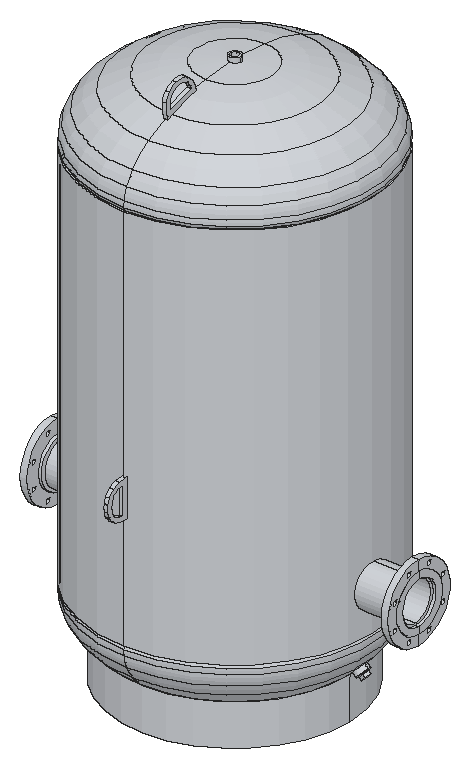
Revit family "CBT-300-5", category Generic Models, Revit 2014
Parameters (values of type "CBT-300-5")
  URL = "http://westank.com/"
  Tank Volume = 300.00 gal
  Part number = 55360300
  Model = "CBT-300-5"
  Maximum Shipping Weight = 555 lbf
  Flange Connector Diameter = 5"
  Description = "Wessels ASME Chilled Water Buffer Tanks (CBT) are designed for chilled water systems with insufficient water volume capacity in relation to the chiller capacity."
  D = 17"
  C = 30"
  B = 72"
  A = 36"
Reference planes (in)
  plane 1 "Center (Front/Back)": y = 0
  plane 2: z = 0
  plane 3 "Center (Left/Right)": x = 0
  plane 4: x = -15
  plane 5: x = 15
  plane 6: z = 0
  plane 7: z = 72
  plane 8: x = -18
  plane 9: x = 18
  plane 10: z = 17
Forms (in)
  Revolve 1, solid
    sketch origin (0, -0.02461, 0) x (0, 1, 0) y (0, 0, 1)
      loop
        line (-17.97559, 11.40987) -> (-17.77585, 11.40987)
        arc (-17.77585, 11.40987) -> (-17.77901, 11.38745) -> (-17.78675, 11.36617) r 0.10832
        line (-17.78675, 11.36617) -> (-17.97559, 10.97899)
        arc (-17.97559, 10.97899) -> (-17.97692, 10.6034) -> (-17.93634, 10.23002) r 3.36112
        arc (-17.93634, 10.23002) -> (-17.83534, 9.45516) -> (-17.56075, 8.72359) r 3.4127
        arc (-17.56075, 8.72359) -> (-17.14884, 7.91952) -> (-16.63227, 7.17835) r 6.68364
        arc (-16.63227, 7.17835) -> (-15.41449, 5.9118) -> (-13.99078, 4.88214) r 9.83519
        arc (-13.99078, 4.88214) -> (-12.33964, 3.99029) -> (-10.62031, 3.23825) r 22.63963
        arc (-10.62031, 3.23825) -> (-7.74153, 2.33452) -> (-4.76815, 1.82164) r 22.63963
        arc (-4.76815, 1.82164) -> (-2.37465, 1.61295) -> (0.02461, 1.4865) r 70.02787
        line (0.02461, 1.4865) -> (0.02461, 1.65848)
        arc (0.02461, 1.65848) -> (-2.3657, 1.78462) -> (-4.75028, 1.99258) r 69.85599
        arc (-4.75028, 1.99258) -> (-7.70109, 2.50157) -> (-10.55801, 3.39844) r 22.46775
        arc (-10.55801, 3.39844) -> (-12.26429, 4.14477) -> (-13.9029, 5.02985) r 22.46775
        arc (-13.9029, 5.02985) -> (-15.30173, 6.04151) -> (-16.49823, 7.28593) r 9.66331
        arc (-16.49823, 7.28593) -> (-17.00303, 8.01057) -> (-17.40515, 8.79685) r 6.51177
        arc (-17.40515, 8.79685) -> (-17.66943, 9.50016) -> (-17.76465, 10.24543) r 3.24083
        arc (-17.76465, 10.24543) -> (-17.80397, 10.58906) -> (-17.80585, 10.93493) r 3.18924
        line (-17.80585, 10.93493) -> (-17.63227, 11.29083)
        arc (-17.63227, 11.29083) -> (-17.60804, 11.35818) -> (-17.59889, 11.42917) r 0.33041
        line (-17.59889, 11.42917) -> (-17.80365, 11.42917) -> (-17.80365, 62.07314) -> (-17.59889, 62.07314)
        arc (-17.59889, 62.07314) -> (-17.60804, 62.14413) -> (-17.63227, 62.21149) r 0.33041
        line (-17.63227, 62.21149) -> (-17.80585, 62.56739)
        arc (-17.80585, 62.56739) -> (-17.80397, 62.91325) -> (-17.76465, 63.25688) r 3.18924
        arc (-17.76465, 63.25688) -> (-17.66943, 64.00215) -> (-17.40515, 64.70547) r 3.24083
        arc (-17.40515, 64.70547) -> (-17.00303, 65.49175) -> (-16.49823, 66.21639) r 6.51177
        arc (-16.49823, 66.21639) -> (-15.30173, 67.4608) -> (-13.9029, 68.47247) r 9.66331
        arc (-13.9029, 68.47247) -> (-12.26429, 69.35755) -> (-10.55801, 70.10388) r 22.46775
        arc (-10.55801, 70.10388) -> (-7.70109, 71.00074) -> (-4.75028, 71.50973) r 22.46775
        arc (-4.75028, 71.50973) -> (-2.3657, 71.71769) -> (0.02461, 71.84383) r 69.85599
        line (0.02461, 71.84383) -> (0.02461, 72.01582)
        arc (0.02461, 72.01582) -> (-2.37465, 71.88936) -> (-4.76815, 71.68068) r 70.02787
        arc (-4.76815, 71.68068) -> (-7.74153, 71.16779) -> (-10.62031, 70.26407) r 22.63963
        arc (-10.62031, 70.26407) -> (-12.33964, 69.51203) -> (-13.99078, 68.62018) r 22.63963
        arc (-13.99078, 68.62018) -> (-15.41449, 67.59052) -> (-16.63227, 66.32397) r 9.83519
        arc (-16.63227, 66.32397) -> (-17.14884, 65.58279) -> (-17.56075, 64.77872) r 6.68364
        arc (-17.56075, 64.77872) -> (-17.83534, 64.04715) -> (-17.93634, 63.2723) r 3.4127
        arc (-17.93634, 63.2723) -> (-17.97692, 62.89891) -> (-17.97559, 62.52332) r 3.36112
        line (-17.97559, 62.52332) -> (-17.78675, 62.13614)
        arc (-17.78675, 62.13614) -> (-17.77901, 62.11486) -> (-17.77585, 62.09244) r 0.10832
        line (-17.77585, 62.09244) -> (-17.97559, 62.09244) -> (-17.97559, 11.40987)
      axis (0.02461, 1.4865) -> (0.02461, 72.01582)
    angle from 0 to 360
  Revolve 2, solid
    sketch origin (-3.00177, 0, 2.50439) x (-1, 0, 0) y (0, 0, 1)
      loop
        line (19.56216, 11.71445) -> (19.56216, 11.27676) -> (20.06195, 11.27676) -> (20.06195, 9.4966) -> (20.93695, 9.4966) -> (20.93695, 10.84328) -> (20.99945, 10.84328) -> (20.99945, 11.71445) -> (19.56216, 11.71445)
      axis (20.99945, 14.49561) -> (19.56216, 14.49561)
    angle from 0 to 360
  Revolve 3, solid
    sketch origin (1.3301, 0, 3.24654) x (0.990017, 0, -0.140951) y (0.140951, 0, 0.990017)
      loop
        line (14.71753, 6.11956) -> (14.66586, 6.1556) -> (14.25436, 5.56561) -> (14.86992, 5.13627) -> (15.24588, 5.6753) -> (15.19462, 5.71106) -> (15.31904, 5.88945) -> (14.80641, 6.24699) -> (14.71753, 6.11956)
      axis (14.25436, 5.56561) -> (14.86992, 5.13627)
    angle from 0 to 360
  Extrusion 4, solid
    sketch origin (16.3437, -180, 7.27869) x (0.681658, 0, 0.731671) y (0, -1, 0)
      loop
        line (-0.16036, -179.52645) -> (-0.95521, -179.68698) -> (-0.79485, -180.48095) -> (0, -180.32042) -> (-0.16036, -179.52645)
    from 1.02698 to 1.52678
  Extrusion 5, solid
    sketch origin (0, -6.04905, 4.9833) x (0, 1, 0) y (0, 0, 1)
      loop
        line (-11.93439, 21.33067) -> (-11.93439, 26.202)
        arc (-11.93439, 26.202) -> (-12.47846, 26.15164) -> (-13.01533, 26.05008) r 5.77422
        arc (-13.01533, 26.05008) -> (-13.49297, 25.89754) -> (-13.94252, 25.67548) r 3.35288
        arc (-13.94252, 25.67548) -> (-14.34081, 25.36666) -> (-14.64962, 24.96837) r 2.0073
        arc (-14.64962, 24.96837) -> (-14.80343, 24.58932) -> (-14.88788, 24.18906) r 2.30742
        arc (-14.88788, 24.18906) -> (-14.91277, 23.77188) -> (-14.88788, 23.3547) r 3.50846
        arc (-14.88788, 23.3547) -> (-14.79412, 22.92876) -> (-14.61961, 22.52904) r 2.24053
        arc (-14.61961, 22.52904) -> (-14.27401, 22.08806) -> (-13.80999, 21.77406) r 1.8078
        arc (-13.80999, 21.77406) -> (-13.34321, 21.55591) -> (-12.84107, 21.44044) r 2.44481
        arc (-12.84107, 21.44044) -> (-12.39043, 21.36326) -> (-11.93439, 21.33067) r 4.65484
      loop
        arc (-12.44611, 25.63929) -> (-12.67227, 25.60073) -> (-12.89654, 25.55235) r 5.2625
        arc (-12.89654, 25.55235) -> (-13.30128, 25.42308) -> (-13.68221, 25.23491) r 2.84116
        arc (-13.68221, 25.23491) -> (-13.97364, 25.01013) -> (-14.20134, 24.72098) r 1.49558
        arc (-14.20134, 24.72098) -> (-14.3163, 24.43235) -> (-14.37979, 24.12821) r 1.7957
        arc (-14.37979, 24.12821) -> (-14.40106, 23.77188) -> (-14.37979, 23.41555) r 2.99674
        arc (-14.37979, 23.41555) -> (-14.30745, 23.08689) -> (-14.17279, 22.77846) r 1.72881
        arc (-14.17279, 22.77846) -> (-13.91552, 22.45353) -> (-13.56884, 22.22643) r 1.29608
        arc (-13.56884, 22.22643) -> (-13.1779, 22.0402) -> (-12.75531, 21.94566) r 1.9331
        arc (-12.75531, 21.94566) -> (-12.60126, 21.91347) -> (-12.44611, 21.88716) r 4.14312
        line (-12.44611, 21.88716) -> (-12.44611, 25.63929)
    from -0.24366 to 0.25634
  Extrusion 6, solid
    sketch origin (0, -28.53332, 53.09576) x (0, 0.284015, -0.95882) y (0, 0.95882, 0.284015)
      loop
        arc (-11.9298, 25.67102) -> (-12.15596, 25.63246) -> (-12.38023, 25.58408) r 5.2625
        arc (-12.38023, 25.58408) -> (-12.78497, 25.45482) -> (-13.16591, 25.26664) r 2.84116
        arc (-13.16591, 25.26664) -> (-13.45733, 25.04186) -> (-13.68503, 24.75271) r 1.49558
        arc (-13.68503, 24.75271) -> (-13.8, 24.46408) -> (-13.86349, 24.15994) r 1.7957
        arc (-13.86349, 24.15994) -> (-13.88475, 23.80361) -> (-13.86349, 23.44728) r 2.99674
        arc (-13.86349, 23.44728) -> (-13.79114, 23.11862) -> (-13.65649, 22.81019) r 1.72881
        arc (-13.65649, 22.81019) -> (-13.39922, 22.48527) -> (-13.05253, 22.25816) r 1.29608
        arc (-13.05253, 22.25816) -> (-12.66159, 22.07193) -> (-12.239, 21.97739) r 1.9331
        arc (-12.239, 21.97739) -> (-12.08496, 21.94521) -> (-11.9298, 21.91889) r 4.14312
        line (-11.9298, 21.91889) -> (-11.9298, 25.67102)
      loop
        line (-11.17132, 21.34265) -> (-11.17132, 26.18028)
        arc (-11.17132, 26.18028) -> (-12.11834, 26.16865) -> (-13.02719, 25.90227) r 3.48194
        arc (-13.02719, 25.90227) -> (-13.54727, 25.6041) -> (-13.99851, 25.20943) r 3.03185
        arc (-13.99851, 25.20943) -> (-14.28248, 24.55653) -> (-14.39992, 23.8543) r 2.91879
        arc (-14.39992, 23.8543) -> (-14.3348, 23.1787) -> (-14.08611, 22.54717) r 2.44012
        arc (-14.08611, 22.54717) -> (-13.716, 22.08641) -> (-13.21844, 21.76749) r 1.83162
        arc (-13.21844, 21.76749) -> (-12.21655, 21.45065) -> (-11.17132, 21.34265) r 5.1769
    from -0.24366 to 0.25634
  Extrusion 7, solid
    sketch origin (0, 0, 0) x (1, 0, 0) y (0, 1, 0)
      loop
        circle (0, 0) r 0.75
      loop
        circle (0, 0) r 0.5
    from 71.36613 to 72.49354
  Extrusion 8, void
    sketch origin (-3.60333, 0.13917, 2.92385) x (0, 1, 0) y (0, 0, -1)
      loop
        circle (1.49083, -18.00864) r 0.37532
      loop
        circle (3.78576, -12.45636) r 0.37532
      loop
        circle (3.7744, -15.69738) r 0.37532
      loop
        circle (1.47787, -10.15182) r 0.37532
      loop
        circle (-1.76518, -17.97902) r 0.37532
      loop
        circle (-4.06493, -12.45612) r 0.37532
      loop
        circle (-4.05357, -15.6962) r 0.37532
      loop
        circle (-1.76804, -10.13998) r 0.37532
    from 18.24548 to 21.39667
  Extrusion 9, void
    sketch origin (0, 0, 0) x (1, 0, 0) y (0, 1, 0)
      loop
        circle (0, 0) r 0.5
    from 70.90268 to 73.75579
  Revolve 10, solid
    sketch origin (0, 0, 0) x (1, 0, 0) y (0, 0, 1)
      loop
        line (14.82824, 5.43485) -> (14.82824, 0) -> (15, 0) -> (15, 5.43485) -> (14.82824, 5.43485)
      axis (0, 5.43485) -> (0, 0)
    angle from 0 to 360
  Revolve 11, solid
    sketch origin (-3.60333, 0, 2.50634) x (1, 0, 0) y (0, 0, 1)
      loop
        line (-13.3981, 11.97012) -> (-19.8981, 11.97012) -> (-19.8981, 11.7124) -> (-13.3981, 11.7124) -> (-13.3981, 11.97012)
      axis (-19.8981, 14.49366) -> (-13.3981, 14.49366)
    angle from 0 to 360
  Extrusion 12, void
    sketch origin (0, 0, 1.25376) x (0, 1, 0) y (0, 0, 1)
      loop
        circle (0, 15.74624) r 2.52354
    from -25.54999 to 27.00963
  Revolve 13, solid
    sketch origin (3.00177, 0, 2.50439) x (1, 0, 0) y (0, 0, 1)
      loop
        line (19.56216, 11.71445) -> (19.56216, 11.27676) -> (20.06195, 11.27676) -> (20.06195, 9.4966) -> (20.93695, 9.4966) -> (20.93695, 10.84328) -> (20.99945, 10.84328) -> (20.99945, 11.71445) -> (19.56216, 11.71445)
      axis (20.99945, 14.49561) -> (19.56216, 14.49561)
    angle from 0 to 360
  Extrusion 14, void
    sketch origin (3.60333, 0.13917, 2.92385) x (0, 1, 0) y (0, 0, 1)
      loop
        circle (1.49083, 18.00864) r 0.37532
      loop
        circle (3.78576, 12.45636) r 0.37532
      loop
        circle (3.7744, 15.69738) r 0.37532
      loop
        circle (1.47787, 10.15182) r 0.37532
      loop
        circle (-1.76518, 17.97902) r 0.37532
      loop
        circle (-4.06493, 12.45612) r 0.37532
      loop
        circle (-4.05357, 15.6962) r 0.37532
      loop
        circle (-1.76804, 10.13998) r 0.37532
    from 18.24548 to 21.39667
  Revolve 15, solid
    sketch origin (3.60333, 0, 2.50634) x (-1, 0, 0) y (0, 0, 1)
      loop
        line (-13.3981, 11.97012) -> (-19.8981, 11.97012) -> (-19.8981, 11.7124) -> (-13.3981, 11.7124) -> (-13.3981, 11.97012)
      axis (-19.8981, 14.49366) -> (-13.3981, 14.49366)
    angle from 0 to 360
Cuts and joins
  joined: Extrusion 4, Extrusion 5, Extrusion 6, Extrusion 7, Revolve 10
  Extrusion 9, Extrusion 12, Extrusion 14 cuts Revolve 1
  Extrusion 8, Extrusion 14 cuts Revolve 2
  joined: Revolve 1, Revolve 2
  Extrusion 14 cuts Revolve 13
Dimensions and locks (in)
  "B": plane 7 to level
  "C": plane 5 to plane 4
  "A": plane 9 to plane 8
  "D": plane 10 to level
  aligned and locked: plane 2 to level
  aligned and locked: Revolve 10 sketch curve to plane 3 "Center (Left/Right)"
Automatic sketch dimensions
  Revolve 1 sketch curve to Revolve 1 sketch curve = 0"  (x56)
  Revolve 1 sketch curve to plane 1 "Center (Front/Back)" = 0"  (x3)
  plane 1 "Center (Front/Back)" to Revolve 1 sketch curve = 2.43969"  (x2)
  Revolve 1 sketch curve to plane 10 = 3.66549"
  plane 1 "Center (Front/Back)" to Revolve 1 sketch curve = 8.98663"  (x2)
  Revolve 1 sketch curve to Revolve 1 sketch curve = 2.45782"  (x2)
  Revolve 1 sketch curve to Revolve 1 sketch curve = 3.10417"  (x2)
  Revolve 1 sketch curve to Revolve 1 sketch curve = 0.0964"  (x2)
  Revolve 1 sketch curve to Revolve 1 sketch curve = 2.97849"  (x2)
  Revolve 1 sketch curve to plane 7 = 9.78851"
  Revolve 1 sketch curve to Revolve 1 sketch curve = 0.03338"  (x2)
  Revolve 1 sketch curve to plane 10 = 5.70917"
  Revolve 1 sketch curve to Revolve 1 sketch curve = 0.17696"  (x2)
  Revolve 1 sketch curve to plane 10 = 5.63383"
  Revolve 1 sketch curve to Revolve 1 sketch curve = 0.0109"  (x2)
  Revolve 1 sketch curve to plane 7 = 9.86386"
  Revolve 1 sketch curve to Revolve 1 sketch curve = 0.0278"
  Revolve 1 sketch curve to Revolve 1 sketch curve = 0.17358"  (x2)
  Revolve 1 sketch curve to plane 10 = 6.06507"
  Revolve 1 sketch curve to Revolve 1 sketch curve = 0.08045"  (x2)
  Revolve 1 sketch curve to Revolve 1 sketch curve = 0.04514"  (x2)
  Revolve 1 sketch curve to Revolve 1 sketch curve = 0.04635"
  Revolve 1 sketch curve to plane 10 = 6.02101"
  Revolve 1 sketch curve to Revolve 1 sketch curve = 0.16974"  (x2)
  Revolve 1 sketch curve to plane 7 = 9.47668"
  Revolve 1 sketch curve to plane 7 = 0.52976"
  Revolve 1 sketch curve to plane 1 "Center (Front/Back)" = 2.48565"  (x2)
  Revolve 1 sketch curve to Revolve 1 sketch curve = 0.51151"
  Revolve 1 sketch curve to Revolve 1 sketch curve = 0.49854"  (x2)
  level to Revolve 1 sketch curve = 2.03208"
  level to Revolve 1 sketch curve = 1.65848"
  Revolve 1 sketch curve to Revolve 1 sketch curve = 0.17198"
  Revolve 1 sketch curve to Revolve 1 sketch curve = 1 249/256"  (x2)
  Revolve 1 sketch curve to Revolve 1 sketch curve = 0.0437"
  Revolve 1 sketch curve to Revolve 1 sketch curve = 0.0193"
  plane 10 to Revolve 1 sketch curve = 7.33865"
  Revolve 1 sketch curve to Revolve 1 sketch curve = 13.04782"
  Revolve 1 sketch curve to Revolve 1 sketch curve = 2.04368"
  Revolve 1 sketch curve to Revolve 1 sketch curve = 0.0695"
  Revolve 1 sketch curve to Revolve 1 sketch curve = 0.02202"
  Revolve 1 sketch curve to Revolve 1 sketch curve = 0.04406"
  Revolve 1 sketch curve to Revolve 1 sketch curve = 0.64986"
  Revolve 1 sketch curve to plane 7 = 0.15617"
  plane 7 to Revolve 1 sketch curve = 0.01582"
  Revolve 1 sketch curve to plane 7 = 1.89612"
  level to Revolve 1 sketch curve = 3 51/128"
  Revolve 1 sketch curve to Revolve 1 sketch curve = 0.06229"  (x2)
  Revolve 1 sketch curve to Revolve 1 sketch curve = 0.90692"  (x2)
  Revolve 1 sketch curve to Revolve 1 sketch curve = 0.1556"  (x2)
  Revolve 1 sketch curve to Revolve 1 sketch curve = 4.55443"
  Revolve 1 sketch curve to Revolve 1 sketch curve = 3 3/4"
  Revolve 2 sketch curve to plane 10 = 0"
  plane 8 to Revolve 2 sketch curve = 4.56393"
  Revolve 2 sketch curve to Revolve 2 sketch curve = 0.49979"
  Revolve 2 sketch curve to Revolve 2 sketch curve = 7/8"
  Revolve 2 sketch curve to Revolve 2 sketch curve = 1/16"
  plane 10 to Revolve 2 sketch curve = 2.78116"
  Revolve 2 sketch curve to Revolve 2 sketch curve = 0.43769"
  Revolve 2 sketch curve to Revolve 2 sketch curve = 0.87117"
  Revolve 2 sketch curve to Revolve 2 sketch curve = 1.34668"
  Revolve 2 sketch curve to plane 8 = 0.99857"
  Revolve 2 sketch curve to Revolve 2 sketch curve = 0.68278"
  plane 5 to Revolve 3 sketch curve = 1.22663"
  level to Revolve 3 sketch curve = 6.74742"
  Revolve 3 sketch curve to Revolve 3 sketch curve = 0.4115"
  Revolve 3 sketch curve to Revolve 3 sketch curve = 0.05167"
  Revolve 3 sketch curve to Revolve 3 sketch curve = 0.08888"
  Revolve 3 sketch curve to Revolve 3 sketch curve = 0.61556"
  Revolve 3 sketch curve to Revolve 3 sketch curve = 0.47709"
  Revolve 3 sketch curve to Revolve 3 sketch curve = 0.05126"
  Revolve 3 sketch curve to Revolve 3 sketch curve = 0.42934"
  Revolve 3 sketch curve to Revolve 3 sketch curve = 0.12768"
  Revolve 3 sketch curve to Revolve 3 sketch curve = 0"  (x2)
  Revolve 3 sketch curve to Revolve 3 sketch curve = 0.08905"
  plane 1 "Center (Front/Back)" to Extrusion 4 sketch curve = 0.31302"
  Extrusion 4 sketch curve to plane 1 "Center (Front/Back)" = 0.48095"
  Extrusion 4 sketch curve to Extrusion 4 sketch curve = 0.16036"  (x2)
  plane 1 "Center (Front/Back)" to Extrusion 4 sketch curve = 0.47355"
  Extrusion 4 sketch curve to Extrusion 4 sketch curve = 0.79485"
  Extrusion 4 sketch curve to plane 1 "Center (Front/Back)" = 0.32042"
  Extrusion 5 sketch curve to Extrusion 5 sketch curve = 0"  (x24)
  plane 1 "Center (Front/Back)" to Extrusion 5 sketch curve = 19.09014"
  Extrusion 5 sketch curve to Extrusion 5 sketch curve = 0.11966"
  Extrusion 5 sketch curve to Extrusion 5 sketch curve = 0.25819"
  Extrusion 5 sketch curve to Extrusion 5 sketch curve = 17/256"
  Extrusion 5 sketch curve to Extrusion 5 sketch curve = 0.04958"
  Extrusion 5 sketch curve to Extrusion 5 sketch curve = 0.15073"
  Extrusion 5 sketch curve to Extrusion 5 sketch curve = 0.20915"
  Extrusion 5 sketch curve to Extrusion 5 sketch curve = 131/256"
  Extrusion 5 sketch curve to Extrusion 5 sketch curve = 0.10338"
  Extrusion 5 sketch curve to Extrusion 5 sketch curve = 0.25955"
  Extrusion 5 sketch curve to Extrusion 5 sketch curve = 1.14294"
  plane 10 to Extrusion 5 sketch curve = 8.41692"
  Extrusion 5 sketch curve to Extrusion 5 sketch curve = 0.89706"
  Extrusion 5 sketch curve to Extrusion 5 sketch curve = 0.55648"
  Extrusion 5 sketch curve to Extrusion 5 sketch curve = 0.90165"
  Extrusion 5 sketch curve to Extrusion 5 sketch curve = 0.62139"
  Extrusion 5 sketch curve to Extrusion 5 sketch curve = 27/128"
  Extrusion 5 sketch curve to Extrusion 5 sketch curve = 0.15076"
  Extrusion 5 sketch curve to Extrusion 5 sketch curve = 0.24641"
  Extrusion 5 sketch curve to Extrusion 5 sketch curve = 0.04716"
  Extrusion 5 sketch curve to Extrusion 5 sketch curve = 0.0326"
  Extrusion 5 sketch curve to Extrusion 5 sketch curve = 1.7246"
  Extrusion 5 sketch curve to Extrusion 5 sketch curve = 0.34507"
  Extrusion 5 sketch curve to Extrusion 5 sketch curve = 0.21764"
  Extrusion 5 sketch curve to Extrusion 5 sketch curve = 1.12273"
  Extrusion 5 sketch curve to Extrusion 5 sketch curve = 0.78568"
  Extrusion 5 sketch curve to Extrusion 5 sketch curve = 0.24115"
  Extrusion 5 sketch curve to Extrusion 5 sketch curve = 0.2603"
  Extrusion 5 sketch curve to Extrusion 5 sketch curve = 0.60395"
  Extrusion 5 sketch curve to Extrusion 5 sketch curve = 0.51913"
  Extrusion 5 sketch curve to Extrusion 5 sketch curve = 0.44682"
  Extrusion 5 sketch curve to Extrusion 5 sketch curve = 0.44829"
  Extrusion 6 sketch curve to plane 7 = 0.23736"
  plane 1 "Center (Front/Back)" to Extrusion 6 sketch curve = 9.61397"
  Extrusion 6 sketch curve to Extrusion 6 sketch curve = 0.03301"
  Extrusion 6 sketch curve to Extrusion 6 sketch curve = 0.08665"
  Extrusion 6 sketch curve to Extrusion 6 sketch curve = 0.34483"
  Extrusion 6 sketch curve to Extrusion 6 sketch curve = 17/256"
  Extrusion 6 sketch curve to Extrusion 6 sketch curve = 0.04958"
  Extrusion 6 sketch curve to Extrusion 6 sketch curve = 0.06885"
  Extrusion 6 sketch curve to Extrusion 6 sketch curve = 0.56197"
  Extrusion 6 sketch curve to Extrusion 6 sketch curve = 0.36028"
  Extrusion 6 sketch curve to Extrusion 6 sketch curve = 0.06601"
  Extrusion 6 sketch curve to Extrusion 6 sketch curve = 0.11815"
  Extrusion 6 sketch curve to Extrusion 6 sketch curve = 0.47821"
  Extrusion 6 sketch curve to Extrusion 6 sketch curve = 0.75848"
  Extrusion 6 sketch curve to Extrusion 6 sketch curve = 0.14338"
  Extrusion 6 sketch curve to Extrusion 6 sketch curve = 0.00673"
  Extrusion 6 sketch curve to Extrusion 6 sketch curve = 0.01279"
  Extrusion 6 sketch curve to Extrusion 6 sketch curve = 0.59588"
  Extrusion 6 sketch curve to Extrusion 6 sketch curve = 0.3061"
  Extrusion 6 sketch curve to Extrusion 6 sketch curve = 0.31529"
  Extrusion 6 sketch curve to Extrusion 6 sketch curve = 0.0954"
  Extrusion 6 sketch curve to Extrusion 6 sketch curve = 0.80625"
  Extrusion 6 sketch curve to Extrusion 6 sketch curve = 0.57624"
  Extrusion 6 sketch curve to Extrusion 6 sketch curve = 0.8773"
  Extrusion 6 sketch curve to Extrusion 6 sketch curve = 0.00686"
  Extrusion 6 sketch curve to Extrusion 6 sketch curve = 0.20406"
  Extrusion 6 sketch curve to Extrusion 6 sketch curve = 0.59172"
  Extrusion 6 sketch curve to Extrusion 6 sketch curve = 0.09548"
  Extrusion 6 sketch curve to Extrusion 6 sketch curve = 0.07607"
  Extrusion 6 sketch curve to Extrusion 6 sketch curve = 0.15093"
  Extrusion 6 sketch curve to Extrusion 6 sketch curve = 0.04716"
  Extrusion 6 sketch curve to Extrusion 6 sketch curve = 0.0326"
  Extrusion 6 sketch curve to Extrusion 6 sketch curve = 1.7246"
  Extrusion 6 sketch curve to Extrusion 6 sketch curve = 0.34507"
  Extrusion 6 sketch curve to Extrusion 6 sketch curve = 0.16418"
  Extrusion 6 sketch curve to Extrusion 6 sketch curve = 0.33927"
  Extrusion 6 sketch curve to Extrusion 6 sketch curve = 0"  (x6)
  Extrusion 6 sketch curve to Extrusion 6 sketch curve = 0.1659"
  Extrusion 6 sketch curve to Extrusion 6 sketch curve = 0.13872"
  Extrusion 6 sketch curve to Extrusion 6 sketch curve = 0.42962"
  Extrusion 6 sketch curve to Extrusion 6 sketch curve = 0.51913"
  Extrusion 6 sketch curve to Extrusion 6 sketch curve = 0.31348"
  Extrusion 7 sketch curve to Extrusion 7 sketch curve = 0"  (x2)
  plane 1 "Center (Front/Back)" to Extrusion 7 sketch curve = 0"
  Extrusion 7 sketch curve to plane 3 "Center (Left/Right)" = 0"
  Extrusion 8 sketch curve to plane 10 = 1.62003"
  plane 1 "Center (Front/Back)" to Extrusion 8 sketch curve = 3.92576"
  Extrusion 8 sketch curve to Extrusion 8 sketch curve = 0.01136"  (x2)
  plane 1 "Center (Front/Back)" to Extrusion 8 sketch curve = 1.62888"
  plane 1 "Center (Front/Back)" to Extrusion 8 sketch curve = 1.62601"
  Extrusion 8 sketch curve to plane 1 "Center (Front/Back)" = 1.61704"
  Extrusion 8 sketch curve to plane 1 "Center (Front/Back)" = 1.63"
  plane 10 to Extrusion 8 sketch curve = 1.62123"
  Extrusion 8 sketch curve to Extrusion 8 sketch curve = 2.28357"
  Extrusion 8 sketch curve to plane 10 = 1.61979"
  plane 10 to Extrusion 8 sketch curve = 3.90287"
  Extrusion 8 sketch curve to Extrusion 8 sketch curve = 2.31126"
  plane 10 to Extrusion 8 sketch curve = 1.62005"
  Extrusion 8 sketch curve to Extrusion 8 sketch curve = 2.30455"
  Extrusion 8 sketch curve to Extrusion 8 sketch curve = 0.01184"
  Extrusion 9 sketch curve to Extrusion 9 sketch curve = 0"  (x2)
  plane 1 "Center (Front/Back)" to Extrusion 9 sketch curve = 0"
  Extrusion 9 sketch curve to plane 3 "Center (Left/Right)" = 0"
  Extrusion 9 sketch curve to plane 3 "Center (Left/Right)" = 1/2"
  Revolve 10 sketch curve to level = 0"
  Revolve 10 sketch curve to plane 5 = 0"
  Revolve 10 sketch curve to plane 5 = 0.17176"
  level to Revolve 10 sketch curve = 5.43485"
  level to Revolve 10 sketch curve = 4.69941"
  Revolve 10 sketch curve to Revolve 10 sketch curve = 1"
  Revolve 11 sketch curve to plane 10 = 0"
  Revolve 11 sketch curve to plane 10 = 2.52354"
  Revolve 11 sketch curve to plane 8 = 5.50143"
  plane 8 to Revolve 11 sketch curve = 0.99857"
  Revolve 11 sketch curve to Revolve 11 sketch curve = 0.25771"
  plane 8 to Revolve 11 sketch curve = 0.63842"
  Revolve 11 sketch curve to Revolve 11 sketch curve = 0.36015"
  Extrusion 12 sketch curve to Extrusion 12 sketch curve = 0"  (x2)
  Extrusion 12 sketch curve to plane 1 "Center (Front/Back)" = 0"
  Extrusion 12 sketch curve to plane 10 = 0"
  Extrusion 12 sketch curve to Extrusion 12 sketch curve = 2.52354"
  Revolve 13 sketch curve to plane 10 = 0"
  plane 9 to Revolve 13 sketch curve = 4.56393"
  Revolve 13 sketch curve to Revolve 13 sketch curve = 0.49979"
  Revolve 13 sketch curve to Revolve 13 sketch curve = 7/8"
  Revolve 13 sketch curve to Revolve 13 sketch curve = 1/16"
  Revolve 13 sketch curve to plane 10 = 2.78116"
  Revolve 13 sketch curve to Revolve 13 sketch curve = 0.43769"
  Revolve 13 sketch curve to Revolve 13 sketch curve = 0.87117"
  Revolve 13 sketch curve to Revolve 13 sketch curve = 1.34668"
  Revolve 13 sketch curve to plane 9 = 0.99857"
  Revolve 13 sketch curve to Revolve 13 sketch curve = 0.68278"
  Extrusion 14 sketch curve to plane 10 = 1.62003"
  plane 1 "Center (Front/Back)" to Extrusion 14 sketch curve = 3.92576"
  Extrusion 14 sketch curve to Extrusion 14 sketch curve = 0.01136"  (x2)
  plane 1 "Center (Front/Back)" to Extrusion 14 sketch curve = 1.62888"
  plane 1 "Center (Front/Back)" to Extrusion 14 sketch curve = 1.62601"
  Extrusion 14 sketch curve to plane 1 "Center (Front/Back)" = 1.61704"
  Extrusion 14 sketch curve to plane 1 "Center (Front/Back)" = 1.63"
  plane 10 to Extrusion 14 sketch curve = 1.62123"
  Extrusion 14 sketch curve to Extrusion 14 sketch curve = 2.28357"
  Extrusion 14 sketch curve to plane 10 = 1.61979"
  Extrusion 14 sketch curve to Extrusion 14 sketch curve = 2.30455"
  Extrusion 14 sketch curve to Extrusion 14 sketch curve = 0.01184"
  plane 10 to Extrusion 14 sketch curve = 1.62005"
  Extrusion 14 sketch curve to Extrusion 14 sketch curve = 2.28282"
  Extrusion 14 sketch curve to Extrusion 14 sketch curve = 2.31126"
  Revolve 15 sketch curve to plane 10 = 0"
  plane 10 to Revolve 15 sketch curve = 2.52354"
  Revolve 15 sketch curve to plane 9 = 5.50143"
  plane 9 to Revolve 15 sketch curve = 0.99857"
  Revolve 15 sketch curve to Revolve 15 sketch curve = 0.25771"
  plane 9 to Revolve 15 sketch curve = 0.63842"
  Revolve 15 sketch curve to Revolve 15 sketch curve = 0.36015"
  radius of Extrusion 7 sketch curve = 3/4"
  radius of Extrusion 7 sketch curve = 1/2"
  radius of Extrusion 8 sketch curve = 0.37532"  (x8)
  radius of Extrusion 14 sketch curve = 0.37532"  (x8)
Connectors (in)
  piping at (24.00122, 0, 17), diameter 5, driven by "Flange Connector Diameter"
    settings: on Revolve 13, index 1, connector inside diameter 24", connector length 0", flow factor 0, pipe flow 0 GPM, pressure drop 0.00 psi, fitting loss kfactor 0, connector angle 0.00°, fixture units 0, engagement length 0", angle of deflection 0.00°, flow configuration 0, flow direction 0, fitting loss method 0, system type 7, joint type 0, gender type 0, connector reference index 2, connector utility 0, adjustable connector no, is connector primary yes, connector description ""
  piping at (-24.00122, 0, 17), diameter 5, driven by "Flange Connector Diameter"
    settings: on cut or joined group of Revolve 1, Revolve 2, Extrusion 8, Extrusion 9, Extrusion 12, Extrusion 14, index 2, connector inside diameter 24", connector length 0", flow factor 0, pipe flow 0 GPM, pressure drop 0.00 psi, fitting loss kfactor 0, connector angle 0.00°, fixture units 0, engagement length 0", angle of deflection 0.00°, flow configuration 0, flow direction 0, fitting loss method 0, system type 7, joint type 0, gender type 0, connector reference index 1, connector utility 0, adjustable connector no, is connector primary no, connector description ""
